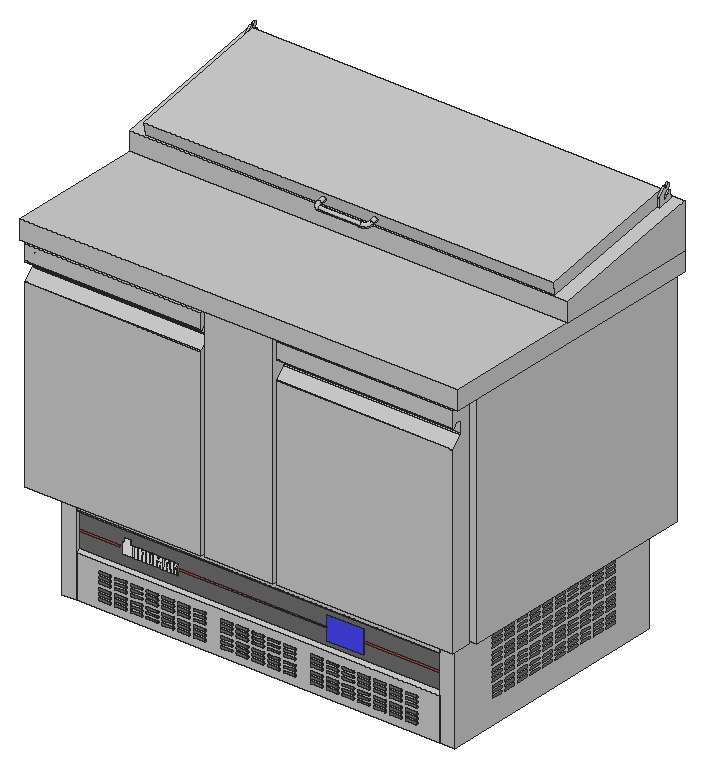
Revit family "QF_INOMAK_BPZP7300_250611020226", category Specialty Equipment, Revit 2021
Family settings
  Round Connector Dimension = Use Diameter
  Part Type = Normal
  OmniClass Number = 23.40.40.14
  OmniClass Title = Food Service Equipment
  Work Plane-Based = No
  Always vertical = Yes
  Cut with Voids When Loaded = No
  Shared = No
  Room Calculation Point = No
Parameters (values of type "BPZP7300")
  Weight [instance] = 101.00 kg
  Warranty Start Date [instance] = ""
  Warranty Duration [instance] = ""
  Volts [instance] = 230 V
  Volt Free Conn [instance] = no
  URL Recommended Spares List [instance] = ""
  URL Manufacturer [instance] = ""
  URL Cutsheet [instance] = ""
  URL Critical Spares List [instance] = ""
  URL = "www.inomak.com"
  Technical Documentation [instance] = ""
  Tag Number [instance] = ""
  Status [instance] = ""
  Start Up Current [instance] = 0 A
  Specification by User [instance] = ""
  Specification by Manufacturer [instance] = ""
  Sound Level [instance] = ""
  Show Logo [instance] = yes
  Show Clearances [instance] = yes
  Service Life Duration [instance] = ""
  Serial Number [instance] = ""
  Seismic Rating [instance] = ""
  SMACNA No [instance] = ""
  Revision Code [instance] = ""
  Revision [instance] = ""
  Production Year [instance] = ""
  Potential Equalisation [instance] = no
  Point Load [instance] = 0
  Phase [instance] = 1
  Other Equipment Approvals [instance] = ""
  Operational Current [instance] = 0 A
  Number of Poles [instance] = 2
  No Load Power Draw [instance] = no
  NAFEM Spec ID Number [instance] = ""
  Model Warning [instance] = ""
  Model = "BPZP7300"
  Min Ckt Ampacity [instance] = 0 A
  Max Overcurrent Protection [instance] = 10 A
  Masterspec [instance] = ""
  Manufacturer = "INOMAK"
  Main switch integrated [instance] = no
  Length Actual [instance] = 1080 mm
  Item Number [instance] = ""
  Installed By [instance] = ""
  Installation Date [instance] = ""
  Identify Quantity as Lot [instance] = no
  ID [instance] = ""
  Hygiene Approval [instance] = ""
  Height Actual [instance] = 1004 mm
  HP power [instance] = ""
  Furnished By [instance] = ""
  Foodservice Equipment Identifier [instance] = no
  FL Amps [instance] = 2.8 A
  Electrical Remarks [instance] = ""
  Electric power [instance] = 340 W
  Electric Connection Type [instance] = ""
  Elec Conn RI Height [instance] = 0 mm
  Elec Conn Connection Height [instance] = 0 mm
  ETL Approved [instance] = no
  Description = "BOLETUS SALADETTE COUNTER WITH PREP STATION AND 2 DOORS, BASE MOTOR"
  Depth Actual [instance] = 700 mm
  Default Elevation = 0 mm
  Cycle [instance] = 50 Hz
  Cost = 0
  Connection to energy optimisation system [instance] = yes
  Conn Plug [instance] = ""
  Conn Conduit [instance] = no
  Centralized building control system with digital interface [instance] = ""
  CSI MasterFormat [instance] = ""
  CE Approved [instance] = no
  Barcode [instance] = 0
  Author [instance] = ""
  Asset Identifier [instance] = ""
  Apparent Power [instance] = 340 VA
  Accessory [instance] = no
Reference planes
  plane 1 "Center (Front/Back)": y = 0
  plane 2: z = 0
  plane 3 "Center (Left/Right)": x = 0
Forms (mm)
  Extrusion 1, solid, not visible
    sketch origin (1000.049, -42.002, 150.007) x (1, 0, 0) y (0, 1, 0)
      loop
        line (-2, 2) -> (-2, -2) -> (2, -2) -> (2, 2) -> (-2, 2)
    from -2 to 2
Dimensions and locks
  locked: Extrusion 1 to nested 2
  locked: nested 2 to Extrusion 1 at 2
  aligned and locked: level to plane 2
Nested families
  nested 1: "QF_INOMAK_REF_BASE_MOTOR_2920" at (0, 0, 0), type "BPZP7300"
    with Weight 101.00 kg, Warranty Start Date "", Warranty Duration "", URL Cutsheet "", Technical Documentation "", Tag Number "", Status "", Specification by User "", Specification by Manufacturer "", Sound Level "", Solid Fuel Type "", Show Clearances yes, Show Clearance yes, Service Life Duration "", Serial Number "", Seismic Rating "", SMACNA No "", Revision Code "", Revision "", Production Year "", Point Load 0, Other Equipment Approvals "", NAFEM Spec ID Number "", Model Warning "", Masterspec "", Length Actual 1080 mm, Item Number "", Installed By "", Installation Date "", Identify Quantity as Lot yes, ID "", Hygiene Approval "", Height Actual 1004 mm, Furnished By "", Foodservice Equipment Identifier yes, Finish none, ETL Approved yes, Depth Actual 700 mm, CSI MasterFormat "", CE Approved yes, Barcode "", Author "", Asset Identifier "", Accessory no
  nested 2: "CONN_POINT_ELE_2D___Generic_Annotation" at (1000.049, -40.002, 150.007), type "CONN_POINT_ELE_2D___Generic_Annotation"
    with Onboard connection annotation symbol visibility yes
  nested 3: "QF_INOMAK_REF_SALADETTE_WORKTOPS_PS_5707" at (0, 0, 812), type "WTPS-1080-700"
    with Worktop thickness 46 mm, Weight 0.00 kg, Warranty Start Date "", Warranty Duration "", URL Cutsheet "", Technical Documentation "", Tag Number "", Status "", Specification by User "", Specification by Manufacturer "", Sound Level "", Solid Fuel Type "", Show Logo yes, Show Clearances yes, Service Life Duration "", Serial Number "", Seismic Rating "", SMACNA No "", Revision Code "", Revision "", Production Year "", Point Load 0, Other Equipment Approvals "", NAFEM Spec ID Number "", Model Warning "", Masterspec "", Length Actual 1080 mm, Item Number "", Installed By "", Installation Date "", Identify Quantity as Lot yes, ID "", Hygiene Approval "", Height Actual 46 mm, Height AFF 0 mm, Furnished By "", Foodservice Equipment Identifier yes, Finish none, ETL Approved yes, Depth Actual 700 mm, CSI MasterFormat "", CE Approved yes, Barcode "", Author "", Asset Identifier "", Accessory yes
Connectors
  electrical at (1000.049, -40.002, 150.007), driven by "Apparent Power", driven by "Number of Poles", driven by "Volts"
    settings: on Extrusion 1, index 1, voltage 230 V, apparent load 0 VA, apparent load phase1 340 VA, apparent load phase2 0 VA, apparent load phase3 0 VA, power factor 1, load classification "Other", number of poles 2, system type 31, power factor state 1, is connector primary yes, connector utility no, sub classification motor no, connector description "Electrical connection for BPZP7300"
Definition of nested family "QF_INOMAK_REF_BASE_MOTOR_2920"
  Parameters (values of type "BRVP7300")
    Weight [instance] = 0.00 kg
    Warranty Start Date [instance] = ""
    Warranty Duration [instance] = ""
    URL Cutsheet [instance] = ""
    URL = "www.inomak.com"
    Technical Documentation [instance] = ""
    Tag Number [instance] = ""
    Status [instance] = ""
    Specification by User [instance] = ""
    Specification by Manufacturer [instance] = ""
    Sound Level [instance] = ""
    Solid Fuel Type [instance] = ""
    Show Logo = yes
    Show Clearances [instance] = yes
    Show Clearance [instance] = yes
    Service Life Duration [instance] = ""
    Serial Number [instance] = ""
    Seismic Rating [instance] = ""
    SMACNA No [instance] = ""
    Revision Code [instance] = ""
    Revision [instance] = ""
    Production Year [instance] = ""
    Point Load [instance] = 0
    Other Equipment Approvals [instance] = ""
    NAFEM Spec ID Number [instance] = ""
    Model Warning [instance] = ""
    Model = "BRVP7300"
    Masterspec [instance] = ""
    Manufacturer = "INOMAK"
    Length Actual [instance] = 0 mm
    Item Number [instance] = ""
    Installed By [instance] = ""
    Installation Date [instance] = ""
    Identify Quantity as Lot [instance] = yes
    ID [instance] = ""
    Hygiene Approval [instance] = ""
    Height Actual [instance] = 0 mm
    Furnished By [instance] = ""
    Foodservice Equipment Identifier [instance] = yes
    Finish [instance] = none
    ETL Approved [instance] = yes
    Description = "BOLETUS SALADETTE COUNTER WITH DOUBLE SNEEZE GUARD AND 2 DOORS, BASE MOTOR"
    Depth Actual [instance] = 0 mm
    Default Elevation = 0 mm
    CSI MasterFormat [instance] = ""
    CE Approved [instance] = yes
    Barcode [instance] = ""
    Author [instance] = ""
    Asset Identifier [instance] = ""
    Assembly Code = "E1090320"
    Accessory [instance] = yes
  Types (7, lengths in mm): name | Model | Description
    BPVP7300 | "BPVP7300" | "BOLETUS CHILLER COUNTER WITH 2 DOORS, BASE MOTOR"
    BSVP77 | "BSVP77" | "BOLETUS CHILLER COUNTER WITH 2 DOORS AND RETRACTABLE LID, BASE MOTOR"
    BSVP7300 | "BSVP7300" | "BOLETUS REFRIGERATED COUNTER WITH BASE MOTOR AND FLEXIBLE VITRINE SYSTEM"
    BPZP7300 | "BPZP7300" | "BOLETUS SALADETTE COUNTER WITH PREP STATION AND 2 DOORS, BASE MOTOR"
    BVVP7300 | "BVVP7300" | "BOLETUS SALADETTE COUNTER WITH SINGLE SNEEZE GUARD AND 2 DOORS, BASE MOTOR"
    BSQP7300 | "BSQP7300" | "BOLETUS SALADETTE COUNTER WITH SQUARE SHOWCASE AND 2 DOORS, BASE MOTOR"
    BRVP7300 | "BRVP7300" | "BOLETUS SALADETTE COUNTER WITH DOUBLE SNEEZE GUARD AND 2 DOORS, BASE MOTOR"
  Reference planes
    plane 1 "Back": y = 0
    plane 2: z = 0
    plane 3 "Left": x = 0
    plane 4 "Right": x = 1080
    plane 5 "Front": y = -700
    plane 6 "Top": z = 812
  Forms (mm)
    Extrusion 1, solid
      sketch origin (-1817.685, -640, 3553.67) x (-1, 0, 0) y (0, 0, 1)
        loop
          line (-2612.685, -3353.789) -> (-2612.685, -3411.65) -> (-2522.133, -3411.65) -> (-2522.133, -3353.789) -> (-2612.685, -3353.789)
      from 7.3 to 10.302
    Extrusion 2, solid
      sketch origin (-1732.685, -640, 3553.67) x (-1, 0, 0) y (0, 0, 1)
        loop
          line (-1823.685, -3342.27) -> (-2721.685, -3342.27) -> (-2721.685, -3421.309) -> (-1823.685, -3421.309) -> (-1823.685, -3342.27)
      from 7.8 to 10.302
    Extrusion 3, solid, visible <- "Show Logo"
      sketch origin (-1577.685, -640, 3553.67) x (-1, 0, 0) y (0, 0, 1)
        loop
          line (-1776.745, -3369.74) -> (-1782.745, -3369.74) -> (-1782.745, -3358.633) -> (-1796.982, -3358.633) -> (-1796.982, -3369.74) -> (-1802.982, -3369.74) -> (-1802.982, -3395.99) -> (-1776.745, -3395.99) -> (-1776.745, -3369.74)
        loop
          line (-1807.298, -3370.052) -> (-1814.587, -3370.052) -> (-1814.587, -3395.99) -> (-1807.298, -3395.99) -> (-1807.298, -3370.052)
        loop
          line (-1817.107, -3395.99) -> (-1817.107, -3370.052) -> (-1823.94, -3370.052) -> (-1827.134, -3381.971) -> (-1827.134, -3370.052) -> (-1833.666, -3370.052) -> (-1833.666, -3395.99) -> (-1827.134, -3395.99) -> (-1823.42, -3382.127) -> (-1823.42, -3395.99) -> (-1817.107, -3395.99)
        loop
          line (-1854.348, -3395.99) -> (-1854.348, -3370.052) -> (-1863.311, -3370.052) -> (-1865.673, -3384.062) -> (-1868.035, -3370.052) -> (-1876.997, -3370.052) -> (-1876.997, -3395.99) -> (-1870.372, -3395.99) -> (-1870.372, -3382.127) -> (-1868.035, -3395.99) -> (-1863.311, -3395.99) -> (-1860.973, -3382.127) -> (-1860.973, -3395.99) -> (-1854.348, -3395.99)
        loop
          line (-1839.536, -3370.052) -> (-1848.861, -3370.052)
          arc (-1848.861, -3370.052) -> (-1851.458, -3371.128) -> (-1852.533, -3373.724) r 3.672
          line (-1852.533, -3373.724) -> (-1852.533, -3392.318)
          arc (-1852.533, -3392.318) -> (-1851.458, -3394.914) -> (-1848.861, -3395.99) r 3.672
          line (-1848.861, -3395.99) -> (-1839.536, -3395.99)
          arc (-1839.536, -3395.99) -> (-1836.939, -3394.914) -> (-1835.864, -3392.318) r 3.672
          line (-1835.864, -3392.318) -> (-1835.864, -3373.724)
          arc (-1835.864, -3373.724) -> (-1836.939, -3371.128) -> (-1839.536, -3370.052) r 3.672
        loop
          arc (-1843.172, -3373.208) -> (-1844.198, -3372.181) -> (-1845.225, -3373.208) r 1.027
          line (-1845.225, -3373.208) -> (-1845.225, -3391.801)
          arc (-1845.225, -3391.801) -> (-1844.198, -3392.828) -> (-1843.172, -3391.801) r 1.027
          line (-1843.172, -3391.801) -> (-1843.172, -3373.208)
        loop
          line (-1878.066, -3395.99) -> (-1882.439, -3370.052) -> (-1891.3, -3370.052) -> (-1895.673, -3395.99) -> (-1889.146, -3395.99) -> (-1888.536, -3391.027) -> (-1885.203, -3391.027) -> (-1884.593, -3395.99) -> (-1878.066, -3395.99)
        loop
          line (-1885.759, -3386.498) -> (-1886.87, -3377.452) -> (-1887.98, -3386.498) -> (-1885.759, -3386.498)
        loop
          line (-1896.638, -3395.99) -> (-1896.638, -3370.052) -> (-1903.263, -3370.052) -> (-1903.263, -3379.165) -> (-1906.049, -3370.052) -> (-1913.487, -3370.052) -> (-1909.159, -3381.329) -> (-1914.207, -3395.99) -> (-1906.623, -3395.99) -> (-1903.263, -3383.45) -> (-1903.263, -3395.99) -> (-1896.638, -3395.99)
      from 7.3 to 10.3
    Extrusion 4, solid
      sketch origin (-1732.685, -640, 3553.67) x (-1, 0, 0) y (0, 0, 1)
        loop
          line (-1823.685, -3379.789) -> (-1924.679, -3379.789) -> (-1924.679, -3383.789) -> (-1823.685, -3383.789) -> (-1823.685, -3379.789)
        loop
          line (-2073.161, -3379.789) -> (-2437.133, -3379.789) -> (-2437.133, -3383.789) -> (-2073.161, -3383.789) -> (-2073.161, -3379.789)
        loop
          line (-2721.685, -3379.789) -> (-2721.685, -3383.789) -> (-2527.685, -3383.789) -> (-2527.685, -3379.789) -> (-2721.685, -3379.789)
      from 7.3 to 10.302
    Extrusion 5, solid, material <- "Finish"
      sketch origin (0, 84.612, -2428.33) x (0, 1, 0) y (0, 0, 1)
        loop
          line (-724.612, 2698.33) -> (-724.612, 2648.032) -> (-716.31, 2639.73) -> (-716.31, 2560.691) -> (-724.612, 2552.389) -> (-724.612, 2448.33) -> (-124.612, 2448.33) -> (-124.612, 2698.33) -> (-724.612, 2698.33)
      from 91 to 989
    Extrusion 6, solid, material <- "Finish"
      sketch origin (56, -9.097, -395.687) x (1, 0, 0) y (0, 1, 0)
        loop
          line (0, -630.903) -> (35, -630.903) -> (35, -30.903) -> (0, -30.903) -> (0, -630.903)
      from 415.687 to 665.687
    Extrusion 7, solid, material <- "Finish"
      sketch origin (664, -9.097, -395.687) x (-1, 0, 0) y (0, -1, 0)
        loop
          line (-360, 630.903) -> (-360, 30.903) -> (-325, 30.903) -> (-325, 630.903) -> (-360, 630.903)
      from 415.687 to 665.687
    Extrusion 8, solid
      sketch origin (-1577.755, -657, -505.005) x (-1, 0, 0) y (0, 0, 1)
        loop
          arc (-1985.436, 609.535) -> (-1988.436, 606.535) -> (-1985.436, 603.535) r 3
          line (-1985.436, 603.535) -> (-1961.436, 603.535)
          arc (-1961.436, 603.535) -> (-1958.436, 606.535) -> (-1961.436, 609.535) r 3
          line (-1961.436, 609.535) -> (-1985.436, 609.535)
        loop
          arc (-1946.436, 609.535) -> (-1949.436, 606.535) -> (-1946.436, 603.535) r 3
          line (-1946.436, 603.535) -> (-1922.436, 603.535)
          arc (-1922.436, 603.535) -> (-1919.436, 606.535) -> (-1922.436, 609.535) r 3
          line (-1922.436, 609.535) -> (-1946.436, 609.535)
        loop
          arc (-1907.436, 609.535) -> (-1910.436, 606.535) -> (-1907.436, 603.535) r 3
          line (-1907.436, 603.535) -> (-1883.436, 603.535)
          arc (-1883.436, 603.535) -> (-1880.436, 606.535) -> (-1883.436, 609.535) r 3
          line (-1883.436, 609.535) -> (-1907.436, 609.535)
        loop
          arc (-1868.436, 609.535) -> (-1871.436, 606.535) -> (-1868.436, 603.535) r 3
          line (-1868.436, 603.535) -> (-1844.436, 603.535)
          arc (-1844.436, 603.535) -> (-1841.436, 606.535) -> (-1844.436, 609.535) r 3
          line (-1844.436, 609.535) -> (-1868.436, 609.535)
        loop
          arc (-1829.436, 609.535) -> (-1832.436, 606.535) -> (-1829.436, 603.535) r 3
          line (-1829.436, 603.535) -> (-1805.436, 603.535)
          arc (-1805.436, 603.535) -> (-1802.436, 606.535) -> (-1805.436, 609.535) r 3
          line (-1805.436, 609.535) -> (-1829.436, 609.535)
        loop
          arc (-1790.436, 609.535) -> (-1793.436, 606.535) -> (-1790.436, 603.535) r 3
          line (-1790.436, 603.535) -> (-1766.436, 603.535)
          arc (-1766.436, 603.535) -> (-1763.436, 606.535) -> (-1766.436, 609.535) r 3
          line (-1766.436, 609.535) -> (-1790.436, 609.535)
        loop
          arc (-1751.436, 609.535) -> (-1754.436, 606.535) -> (-1751.436, 603.535) r 3
          line (-1751.436, 603.535) -> (-1727.436, 603.535)
          arc (-1727.436, 603.535) -> (-1724.436, 606.535) -> (-1727.436, 609.535) r 3
          line (-1727.436, 609.535) -> (-1751.436, 609.535)
        loop
          arc (-1985.436, 598.535) -> (-1988.436, 595.535) -> (-1985.436, 592.535) r 3
          line (-1985.436, 592.535) -> (-1961.436, 592.535)
          arc (-1961.436, 592.535) -> (-1958.436, 595.535) -> (-1961.436, 598.535) r 3
          line (-1961.436, 598.535) -> (-1985.436, 598.535)
        loop
          arc (-1946.436, 598.535) -> (-1949.436, 595.535) -> (-1946.436, 592.535) r 3
          line (-1946.436, 592.535) -> (-1922.436, 592.535)
          arc (-1922.436, 592.535) -> (-1919.436, 595.535) -> (-1922.436, 598.535) r 3
          line (-1922.436, 598.535) -> (-1946.436, 598.535)
        loop
          arc (-1907.436, 598.535) -> (-1910.436, 595.535) -> (-1907.436, 592.535) r 3
          line (-1907.436, 592.535) -> (-1883.436, 592.535)
          arc (-1883.436, 592.535) -> (-1880.436, 595.535) -> (-1883.436, 598.535) r 3
          line (-1883.436, 598.535) -> (-1907.436, 598.535)
        loop
          arc (-1868.436, 598.535) -> (-1871.436, 595.535) -> (-1868.436, 592.535) r 3
          line (-1868.436, 592.535) -> (-1844.436, 592.535)
          arc (-1844.436, 592.535) -> (-1841.436, 595.535) -> (-1844.436, 598.535) r 3
          line (-1844.436, 598.535) -> (-1868.436, 598.535)
        loop
          arc (-1829.436, 598.535) -> (-1832.436, 595.535) -> (-1829.436, 592.535) r 3
          line (-1829.436, 592.535) -> (-1805.436, 592.535)
          arc (-1805.436, 592.535) -> (-1802.436, 595.535) -> (-1805.436, 598.535) r 3
          line (-1805.436, 598.535) -> (-1829.436, 598.535)
        loop
          arc (-1790.436, 598.535) -> (-1793.436, 595.535) -> (-1790.436, 592.535) r 3
          line (-1790.436, 592.535) -> (-1766.436, 592.535)
          arc (-1766.436, 592.535) -> (-1763.436, 595.535) -> (-1766.436, 598.535) r 3
          line (-1766.436, 598.535) -> (-1790.436, 598.535)
        loop
          arc (-1751.436, 598.535) -> (-1754.436, 595.535) -> (-1751.436, 592.535) r 3
          line (-1751.436, 592.535) -> (-1727.436, 592.535)
          arc (-1727.436, 592.535) -> (-1724.436, 595.535) -> (-1727.436, 598.535) r 3
          line (-1727.436, 598.535) -> (-1751.436, 598.535)
        loop
          arc (-1985.436, 587.535) -> (-1988.436, 584.535) -> (-1985.436, 581.535) r 3
          line (-1985.436, 581.535) -> (-1961.436, 581.535)
          arc (-1961.436, 581.535) -> (-1958.436, 584.535) -> (-1961.436, 587.535) r 3
          line (-1961.436, 587.535) -> (-1985.436, 587.535)
        loop
          arc (-1946.436, 587.535) -> (-1949.436, 584.535) -> (-1946.436, 581.535) r 3
          line (-1946.436, 581.535) -> (-1922.436, 581.535)
          arc (-1922.436, 581.535) -> (-1919.436, 584.535) -> (-1922.436, 587.535) r 3
          line (-1922.436, 587.535) -> (-1946.436, 587.535)
        loop
          arc (-1907.436, 587.535) -> (-1910.436, 584.535) -> (-1907.436, 581.535) r 3
          line (-1907.436, 581.535) -> (-1883.436, 581.535)
          arc (-1883.436, 581.535) -> (-1880.436, 584.535) -> (-1883.436, 587.535) r 3
          line (-1883.436, 587.535) -> (-1907.436, 587.535)
        loop
          arc (-1868.436, 587.535) -> (-1871.436, 584.535) -> (-1868.436, 581.535) r 3
          line (-1868.436, 581.535) -> (-1844.436, 581.535)
          arc (-1844.436, 581.535) -> (-1841.436, 584.535) -> (-1844.436, 587.535) r 3
          line (-1844.436, 587.535) -> (-1868.436, 587.535)
        loop
          arc (-1829.436, 587.535) -> (-1832.436, 584.535) -> (-1829.436, 581.535) r 3
          line (-1829.436, 581.535) -> (-1805.436, 581.535)
          arc (-1805.436, 581.535) -> (-1802.436, 584.535) -> (-1805.436, 587.535) r 3
          line (-1805.436, 587.535) -> (-1829.436, 587.535)
        loop
          arc (-1790.436, 587.535) -> (-1793.436, 584.535) -> (-1790.436, 581.535) r 3
          line (-1790.436, 581.535) -> (-1766.436, 581.535)
          arc (-1766.436, 581.535) -> (-1763.436, 584.535) -> (-1766.436, 587.535) r 3
          line (-1766.436, 587.535) -> (-1790.436, 587.535)
        loop
          arc (-1751.436, 587.535) -> (-1754.436, 584.535) -> (-1751.436, 581.535) r 3
          line (-1751.436, 581.535) -> (-1727.436, 581.535)
          arc (-1727.436, 581.535) -> (-1724.436, 584.535) -> (-1727.436, 587.535) r 3
          line (-1727.436, 587.535) -> (-1751.436, 587.535)
        loop
          arc (-1985.436, 572.535) -> (-1988.436, 569.535) -> (-1985.436, 566.535) r 3
          line (-1985.436, 566.535) -> (-1961.436, 566.535)
          arc (-1961.436, 566.535) -> (-1958.436, 569.535) -> (-1961.436, 572.535) r 3
          line (-1961.436, 572.535) -> (-1985.436, 572.535)
        loop
          arc (-1946.436, 572.535) -> (-1949.436, 569.535) -> (-1946.436, 566.535) r 3
          line (-1946.436, 566.535) -> (-1922.436, 566.535)
          arc (-1922.436, 566.535) -> (-1919.436, 569.535) -> (-1922.436, 572.535) r 3
          line (-1922.436, 572.535) -> (-1946.436, 572.535)
        loop
          arc (-1907.436, 572.535) -> (-1910.436, 569.535) -> (-1907.436, 566.535) r 3
          line (-1907.436, 566.535) -> (-1883.436, 566.535)
          arc (-1883.436, 566.535) -> (-1880.436, 569.535) -> (-1883.436, 572.535) r 3
          line (-1883.436, 572.535) -> (-1907.436, 572.535)
        loop
          arc (-1868.436, 572.535) -> (-1871.436, 569.535) -> (-1868.436, 566.535) r 3
          line (-1868.436, 566.535) -> (-1844.436, 566.535)
          arc (-1844.436, 566.535) -> (-1841.436, 569.535) -> (-1844.436, 572.535) r 3
          line (-1844.436, 572.535) -> (-1868.436, 572.535)
        loop
          arc (-1829.436, 572.535) -> (-1832.436, 569.535) -> (-1829.436, 566.535) r 3
          line (-1829.436, 566.535) -> (-1805.436, 566.535)
          arc (-1805.436, 566.535) -> (-1802.436, 569.535) -> (-1805.436, 572.535) r 3
          line (-1805.436, 572.535) -> (-1829.436, 572.535)
        loop
          arc (-1790.436, 572.535) -> (-1793.436, 569.535) -> (-1790.436, 566.535) r 3
          line (-1790.436, 566.535) -> (-1766.436, 566.535)
          arc (-1766.436, 566.535) -> (-1763.436, 569.535) -> (-1766.436, 572.535) r 3
          line (-1766.436, 572.535) -> (-1790.436, 572.535)
        loop
          arc (-1751.436, 572.535) -> (-1754.436, 569.535) -> (-1751.436, 566.535) r 3
          line (-1751.436, 566.535) -> (-1727.436, 566.535)
          arc (-1727.436, 566.535) -> (-1724.436, 569.535) -> (-1727.436, 572.535) r 3
          line (-1727.436, 572.535) -> (-1751.436, 572.535)
        loop
          arc (-1985.436, 561.535) -> (-1988.436, 558.535) -> (-1985.436, 555.535) r 3
          line (-1985.436, 555.535) -> (-1961.436, 555.535)
          arc (-1961.436, 555.535) -> (-1958.436, 558.535) -> (-1961.436, 561.535) r 3
          line (-1961.436, 561.535) -> (-1985.436, 561.535)
        loop
          arc (-1946.436, 561.535) -> (-1949.436, 558.535) -> (-1946.436, 555.535) r 3
          line (-1946.436, 555.535) -> (-1922.436, 555.535)
          arc (-1922.436, 555.535) -> (-1919.436, 558.535) -> (-1922.436, 561.535) r 3
          line (-1922.436, 561.535) -> (-1946.436, 561.535)
        loop
          arc (-1907.436, 561.535) -> (-1910.436, 558.535) -> (-1907.436, 555.535) r 3
          line (-1907.436, 555.535) -> (-1883.436, 555.535)
          arc (-1883.436, 555.535) -> (-1880.436, 558.535) -> (-1883.436, 561.535) r 3
          line (-1883.436, 561.535) -> (-1907.436, 561.535)
        loop
          arc (-1868.436, 561.535) -> (-1871.436, 558.535) -> (-1868.436, 555.535) r 3
          line (-1868.436, 555.535) -> (-1844.436, 555.535)
          arc (-1844.436, 555.535) -> (-1841.436, 558.535) -> (-1844.436, 561.535) r 3
          line (-1844.436, 561.535) -> (-1868.436, 561.535)
        loop
          arc (-1829.436, 561.535) -> (-1832.436, 558.535) -> (-1829.436, 555.535) r 3
          line (-1829.436, 555.535) -> (-1805.436, 555.535)
          arc (-1805.436, 555.535) -> (-1802.436, 558.535) -> (-1805.436, 561.535) r 3
          line (-1805.436, 561.535) -> (-1829.436, 561.535)
        loop
          arc (-1790.436, 561.535) -> (-1793.436, 558.535) -> (-1790.436, 555.535) r 3
          line (-1790.436, 555.535) -> (-1766.436, 555.535)
          arc (-1766.436, 555.535) -> (-1763.436, 558.535) -> (-1766.436, 561.535) r 3
          line (-1766.436, 561.535) -> (-1790.436, 561.535)
        loop
          arc (-1751.436, 561.535) -> (-1754.436, 558.535) -> (-1751.436, 555.535) r 3
          line (-1751.436, 555.535) -> (-1727.436, 555.535)
          arc (-1727.436, 555.535) -> (-1724.436, 558.535) -> (-1727.436, 561.535) r 3
          line (-1727.436, 561.535) -> (-1751.436, 561.535)
        loop
          arc (-1985.436, 550.535) -> (-1988.436, 547.535) -> (-1985.436, 544.535) r 3
          line (-1985.436, 544.535) -> (-1961.436, 544.535)
          arc (-1961.436, 544.535) -> (-1958.436, 547.535) -> (-1961.436, 550.535) r 3
          line (-1961.436, 550.535) -> (-1985.436, 550.535)
        loop
          arc (-1946.436, 550.535) -> (-1949.436, 547.535) -> (-1946.436, 544.535) r 3
          line (-1946.436, 544.535) -> (-1922.436, 544.535)
          arc (-1922.436, 544.535) -> (-1919.436, 547.535) -> (-1922.436, 550.535) r 3
          line (-1922.436, 550.535) -> (-1946.436, 550.535)
        loop
          arc (-1907.436, 550.535) -> (-1910.436, 547.535) -> (-1907.436, 544.535) r 3
          line (-1907.436, 544.535) -> (-1883.436, 544.535)
          arc (-1883.436, 544.535) -> (-1880.436, 547.535) -> (-1883.436, 550.535) r 3
          line (-1883.436, 550.535) -> (-1907.436, 550.535)
        loop
          arc (-1868.436, 550.535) -> (-1871.436, 547.535) -> (-1868.436, 544.535) r 3
          line (-1868.436, 544.535) -> (-1844.436, 544.535)
          arc (-1844.436, 544.535) -> (-1841.436, 547.535) -> (-1844.436, 550.535) r 3
          line (-1844.436, 550.535) -> (-1868.436, 550.535)
        loop
          arc (-1829.436, 550.535) -> (-1832.436, 547.535) -> (-1829.436, 544.535) r 3
          line (-1829.436, 544.535) -> (-1805.436, 544.535)
          arc (-1805.436, 544.535) -> (-1802.436, 547.535) -> (-1805.436, 550.535) r 3
          line (-1805.436, 550.535) -> (-1829.436, 550.535)
        loop
          arc (-1790.436, 550.535) -> (-1793.436, 547.535) -> (-1790.436, 544.535) r 3
          line (-1790.436, 544.535) -> (-1766.436, 544.535)
          arc (-1766.436, 544.535) -> (-1763.436, 547.535) -> (-1766.436, 550.535) r 3
          line (-1766.436, 550.535) -> (-1790.436, 550.535)
        loop
          arc (-1751.436, 550.535) -> (-1754.436, 547.535) -> (-1751.436, 544.535) r 3
          line (-1751.436, 544.535) -> (-1727.436, 544.535)
          arc (-1727.436, 544.535) -> (-1724.436, 547.535) -> (-1727.436, 550.535) r 3
          line (-1727.436, 550.535) -> (-1751.436, 550.535)
        loop
          line (-2250.075, 609.535) -> (-2274.075, 609.535)
          arc (-2274.075, 609.535) -> (-2277.075, 606.535) -> (-2274.075, 603.535) r 3
          line (-2274.075, 603.535) -> (-2250.075, 603.535)
          arc (-2250.075, 603.535) -> (-2247.075, 606.535) -> (-2250.075, 609.535) r 3
        loop
          line (-2289.075, 609.535) -> (-2313.075, 609.535)
          arc (-2313.075, 609.535) -> (-2316.075, 606.535) -> (-2313.075, 603.535) r 3
          line (-2313.075, 603.535) -> (-2289.075, 603.535)
          arc (-2289.075, 603.535) -> (-2286.075, 606.535) -> (-2289.075, 609.535) r 3
        loop
          line (-2328.075, 609.535) -> (-2352.075, 609.535)
          arc (-2352.075, 609.535) -> (-2355.075, 606.535) -> (-2352.075, 603.535) r 3
          line (-2352.075, 603.535) -> (-2328.075, 603.535)
          arc (-2328.075, 603.535) -> (-2325.075, 606.535) -> (-2328.075, 609.535) r 3
        loop
          line (-2367.075, 609.535) -> (-2391.075, 609.535)
          arc (-2391.075, 609.535) -> (-2394.075, 606.535) -> (-2391.075, 603.535) r 3
          line (-2391.075, 603.535) -> (-2367.075, 603.535)
          arc (-2367.075, 603.535) -> (-2364.075, 606.535) -> (-2367.075, 609.535) r 3
        loop
          line (-2406.075, 609.535) -> (-2430.075, 609.535)
          arc (-2430.075, 609.535) -> (-2433.075, 606.535) -> (-2430.075, 603.535) r 3
          line (-2430.075, 603.535) -> (-2406.075, 603.535)
          arc (-2406.075, 603.535) -> (-2403.075, 606.535) -> (-2406.075, 609.535) r 3
        loop
          line (-2445.075, 609.535) -> (-2469.075, 609.535)
          arc (-2469.075, 609.535) -> (-2472.075, 606.535) -> (-2469.075, 603.535) r 3
          line (-2469.075, 603.535) -> (-2445.075, 603.535)
          arc (-2445.075, 603.535) -> (-2442.075, 606.535) -> (-2445.075, 609.535) r 3
        loop
          line (-2484.075, 609.535) -> (-2508.075, 609.535)
          arc (-2508.075, 609.535) -> (-2511.075, 606.535) -> (-2508.075, 603.535) r 3
          line (-2508.075, 603.535) -> (-2484.075, 603.535)
          arc (-2484.075, 603.535) -> (-2481.075, 606.535) -> (-2484.075, 609.535) r 3
        loop
          line (-2250.075, 598.535) -> (-2274.075, 598.535)
          arc (-2274.075, 598.535) -> (-2277.075, 595.535) -> (-2274.075, 592.535) r 3
          line (-2274.075, 592.535) -> (-2250.075, 592.535)
          arc (-2250.075, 592.535) -> (-2247.075, 595.535) -> (-2250.075, 598.535) r 3
        loop
          line (-2289.075, 598.535) -> (-2313.075, 598.535)
          arc (-2313.075, 598.535) -> (-2316.075, 595.535) -> (-2313.075, 592.535) r 3
          line (-2313.075, 592.535) -> (-2289.075, 592.535)
          arc (-2289.075, 592.535) -> (-2286.075, 595.535) -> (-2289.075, 598.535) r 3
        loop
          line (-2328.075, 598.535) -> (-2352.075, 598.535)
          arc (-2352.075, 598.535) -> (-2355.075, 595.535) -> (-2352.075, 592.535) r 3
          line (-2352.075, 592.535) -> (-2328.075, 592.535)
          arc (-2328.075, 592.535) -> (-2325.075, 595.535) -> (-2328.075, 598.535) r 3
        loop
          line (-2367.075, 598.535) -> (-2391.075, 598.535)
          arc (-2391.075, 598.535) -> (-2394.075, 595.535) -> (-2391.075, 592.535) r 3
          line (-2391.075, 592.535) -> (-2367.075, 592.535)
          arc (-2367.075, 592.535) -> (-2364.075, 595.535) -> (-2367.075, 598.535) r 3
        loop
          line (-2406.075, 598.535) -> (-2430.075, 598.535)
          arc (-2430.075, 598.535) -> (-2433.075, 595.535) -> (-2430.075, 592.535) r 3
          line (-2430.075, 592.535) -> (-2406.075, 592.535)
          arc (-2406.075, 592.535) -> (-2403.075, 595.535) -> (-2406.075, 598.535) r 3
        loop
          line (-2445.075, 598.535) -> (-2469.075, 598.535)
          arc (-2469.075, 598.535) -> (-2472.075, 595.535) -> (-2469.075, 592.535) r 3
          line (-2469.075, 592.535) -> (-2445.075, 592.535)
          arc (-2445.075, 592.535) -> (-2442.075, 595.535) -> (-2445.075, 598.535) r 3
        loop
          line (-2484.075, 598.535) -> (-2508.075, 598.535)
          arc (-2508.075, 598.535) -> (-2511.075, 595.535) -> (-2508.075, 592.535) r 3
          line (-2508.075, 592.535) -> (-2484.075, 592.535)
          arc (-2484.075, 592.535) -> (-2481.075, 595.535) -> (-2484.075, 598.535) r 3
        loop
          line (-2250.075, 587.535) -> (-2274.075, 587.535)
          arc (-2274.075, 587.535) -> (-2277.075, 584.535) -> (-2274.075, 581.535) r 3
          line (-2274.075, 581.535) -> (-2250.075, 581.535)
          arc (-2250.075, 581.535) -> (-2247.075, 584.535) -> (-2250.075, 587.535) r 3
        loop
          line (-2289.075, 587.535) -> (-2313.075, 587.535)
          arc (-2313.075, 587.535) -> (-2316.075, 584.535) -> (-2313.075, 581.535) r 3
          line (-2313.075, 581.535) -> (-2289.075, 581.535)
          arc (-2289.075, 581.535) -> (-2286.075, 584.535) -> (-2289.075, 587.535) r 3
        loop
          line (-2328.075, 587.535) -> (-2352.075, 587.535)
          arc (-2352.075, 587.535) -> (-2355.075, 584.535) -> (-2352.075, 581.535) r 3
          line (-2352.075, 581.535) -> (-2328.075, 581.535)
          arc (-2328.075, 581.535) -> (-2325.075, 584.535) -> (-2328.075, 587.535) r 3
        loop
          line (-2367.075, 587.535) -> (-2391.075, 587.535)
          arc (-2391.075, 587.535) -> (-2394.075, 584.535) -> (-2391.075, 581.535) r 3
          line (-2391.075, 581.535) -> (-2367.075, 581.535)
          arc (-2367.075, 581.535) -> (-2364.075, 584.535) -> (-2367.075, 587.535) r 3
        loop
          line (-2406.075, 587.535) -> (-2430.075, 587.535)
          arc (-2430.075, 587.535) -> (-2433.075, 584.535) -> (-2430.075, 581.535) r 3
          line (-2430.075, 581.535) -> (-2406.075, 581.535)
          arc (-2406.075, 581.535) -> (-2403.075, 584.535) -> (-2406.075, 587.535) r 3
        loop
          line (-2445.075, 587.535) -> (-2469.075, 587.535)
          arc (-2469.075, 587.535) -> (-2472.075, 584.535) -> (-2469.075, 581.535) r 3
          line (-2469.075, 581.535) -> (-2445.075, 581.535)
          arc (-2445.075, 581.535) -> (-2442.075, 584.535) -> (-2445.075, 587.535) r 3
        loop
          line (-2484.075, 587.535) -> (-2508.075, 587.535)
          arc (-2508.075, 587.535) -> (-2511.075, 584.535) -> (-2508.075, 581.535) r 3
          line (-2508.075, 581.535) -> (-2484.075, 581.535)
          arc (-2484.075, 581.535) -> (-2481.075, 584.535) -> (-2484.075, 587.535) r 3
        loop
          line (-2250.075, 572.535) -> (-2274.075, 572.535)
          arc (-2274.075, 572.535) -> (-2277.075, 569.535) -> (-2274.075, 566.535) r 3
          line (-2274.075, 566.535) -> (-2250.075, 566.535)
          arc (-2250.075, 566.535) -> (-2247.075, 569.535) -> (-2250.075, 572.535) r 3
        loop
          line (-2289.075, 572.535) -> (-2313.075, 572.535)
          arc (-2313.075, 572.535) -> (-2316.075, 569.535) -> (-2313.075, 566.535) r 3
          line (-2313.075, 566.535) -> (-2289.075, 566.535)
          arc (-2289.075, 566.535) -> (-2286.075, 569.535) -> (-2289.075, 572.535) r 3
        loop
          line (-2328.075, 572.535) -> (-2352.075, 572.535)
          arc (-2352.075, 572.535) -> (-2355.075, 569.535) -> (-2352.075, 566.535) r 3
          line (-2352.075, 566.535) -> (-2328.075, 566.535)
          arc (-2328.075, 566.535) -> (-2325.075, 569.535) -> (-2328.075, 572.535) r 3
        loop
          line (-2367.075, 572.535) -> (-2391.075, 572.535)
          arc (-2391.075, 572.535) -> (-2394.075, 569.535) -> (-2391.075, 566.535) r 3
          line (-2391.075, 566.535) -> (-2367.075, 566.535)
          arc (-2367.075, 566.535) -> (-2364.075, 569.535) -> (-2367.075, 572.535) r 3
        loop
          line (-2406.075, 572.535) -> (-2430.075, 572.535)
          arc (-2430.075, 572.535) -> (-2433.075, 569.535) -> (-2430.075, 566.535) r 3
          line (-2430.075, 566.535) -> (-2406.075, 566.535)
          arc (-2406.075, 566.535) -> (-2403.075, 569.535) -> (-2406.075, 572.535) r 3
        loop
          line (-2445.075, 572.535) -> (-2469.075, 572.535)
          arc (-2469.075, 572.535) -> (-2472.075, 569.535) -> (-2469.075, 566.535) r 3
          line (-2469.075, 566.535) -> (-2445.075, 566.535)
          arc (-2445.075, 566.535) -> (-2442.075, 569.535) -> (-2445.075, 572.535) r 3
        loop
          line (-2484.075, 572.535) -> (-2508.075, 572.535)
          arc (-2508.075, 572.535) -> (-2511.075, 569.535) -> (-2508.075, 566.535) r 3
          line (-2508.075, 566.535) -> (-2484.075, 566.535)
          arc (-2484.075, 566.535) -> (-2481.075, 569.535) -> (-2484.075, 572.535) r 3
        loop
          line (-2250.075, 561.535) -> (-2274.075, 561.535)
          arc (-2274.075, 561.535) -> (-2277.075, 558.535) -> (-2274.075, 555.535) r 3
          line (-2274.075, 555.535) -> (-2250.075, 555.535)
          arc (-2250.075, 555.535) -> (-2247.075, 558.535) -> (-2250.075, 561.535) r 3
        loop
          line (-2289.075, 561.535) -> (-2313.075, 561.535)
          arc (-2313.075, 561.535) -> (-2316.075, 558.535) -> (-2313.075, 555.535) r 3
          line (-2313.075, 555.535) -> (-2289.075, 555.535)
          arc (-2289.075, 555.535) -> (-2286.075, 558.535) -> (-2289.075, 561.535) r 3
        loop
          line (-2328.075, 561.535) -> (-2352.075, 561.535)
          arc (-2352.075, 561.535) -> (-2355.075, 558.535) -> (-2352.075, 555.535) r 3
          line (-2352.075, 555.535) -> (-2328.075, 555.535)
          arc (-2328.075, 555.535) -> (-2325.075, 558.535) -> (-2328.075, 561.535) r 3
        loop
          line (-2367.075, 561.535) -> (-2391.075, 561.535)
          arc (-2391.075, 561.535) -> (-2394.075, 558.535) -> (-2391.075, 555.535) r 3
          line (-2391.075, 555.535) -> (-2367.075, 555.535)
          arc (-2367.075, 555.535) -> (-2364.075, 558.535) -> (-2367.075, 561.535) r 3
        loop
          line (-2406.075, 561.535) -> (-2430.075, 561.535)
          arc (-2430.075, 561.535) -> (-2433.075, 558.535) -> (-2430.075, 555.535) r 3
          line (-2430.075, 555.535) -> (-2406.075, 555.535)
          arc (-2406.075, 555.535) -> (-2403.075, 558.535) -> (-2406.075, 561.535) r 3
        loop
          line (-2445.075, 561.535) -> (-2469.075, 561.535)
          arc (-2469.075, 561.535) -> (-2472.075, 558.535) -> (-2469.075, 555.535) r 3
          line (-2469.075, 555.535) -> (-2445.075, 555.535)
          arc (-2445.075, 555.535) -> (-2442.075, 558.535) -> (-2445.075, 561.535) r 3
        loop
          line (-2484.075, 561.535) -> (-2508.075, 561.535)
          arc (-2508.075, 561.535) -> (-2511.075, 558.535) -> (-2508.075, 555.535) r 3
          line (-2508.075, 555.535) -> (-2484.075, 555.535)
          arc (-2484.075, 555.535) -> (-2481.075, 558.535) -> (-2484.075, 561.535) r 3
        loop
          line (-2250.075, 550.535) -> (-2274.075, 550.535)
          arc (-2274.075, 550.535) -> (-2277.075, 547.535) -> (-2274.075, 544.535) r 3
          line (-2274.075, 544.535) -> (-2250.075, 544.535)
          arc (-2250.075, 544.535) -> (-2247.075, 547.535) -> (-2250.075, 550.535) r 3
        loop
          line (-2289.075, 550.535) -> (-2313.075, 550.535)
          arc (-2313.075, 550.535) -> (-2316.075, 547.535) -> (-2313.075, 544.535) r 3
          line (-2313.075, 544.535) -> (-2289.075, 544.535)
          arc (-2289.075, 544.535) -> (-2286.075, 547.535) -> (-2289.075, 550.535) r 3
        loop
          line (-2328.075, 550.535) -> (-2352.075, 550.535)
          arc (-2352.075, 550.535) -> (-2355.075, 547.535) -> (-2352.075, 544.535) r 3
          line (-2352.075, 544.535) -> (-2328.075, 544.535)
          arc (-2328.075, 544.535) -> (-2325.075, 547.535) -> (-2328.075, 550.535) r 3
        loop
          line (-2367.075, 550.535) -> (-2391.075, 550.535)
          arc (-2391.075, 550.535) -> (-2394.075, 547.535) -> (-2391.075, 544.535) r 3
          line (-2391.075, 544.535) -> (-2367.075, 544.535)
          arc (-2367.075, 544.535) -> (-2364.075, 547.535) -> (-2367.075, 550.535) r 3
        loop
          line (-2406.075, 550.535) -> (-2430.075, 550.535)
          arc (-2430.075, 550.535) -> (-2433.075, 547.535) -> (-2430.075, 544.535) r 3
          line (-2430.075, 544.535) -> (-2406.075, 544.535)
          arc (-2406.075, 544.535) -> (-2403.075, 547.535) -> (-2406.075, 550.535) r 3
        loop
          line (-2445.075, 550.535) -> (-2469.075, 550.535)
          arc (-2469.075, 550.535) -> (-2472.075, 547.535) -> (-2469.075, 544.535) r 3
          line (-2469.075, 544.535) -> (-2445.075, 544.535)
          arc (-2445.075, 544.535) -> (-2442.075, 547.535) -> (-2445.075, 550.535) r 3
        loop
          line (-2484.075, 550.535) -> (-2508.075, 550.535)
          arc (-2508.075, 550.535) -> (-2511.075, 547.535) -> (-2508.075, 544.535) r 3
          line (-2508.075, 544.535) -> (-2484.075, 544.535)
          arc (-2484.075, 544.535) -> (-2481.075, 547.535) -> (-2484.075, 550.535) r 3
        loop
          line (-2027.755, 609.535) -> (-2051.755, 609.535)
          arc (-2051.755, 609.535) -> (-2054.755, 606.535) -> (-2051.755, 603.535) r 3
          line (-2051.755, 603.535) -> (-2027.755, 603.535)
          arc (-2027.755, 603.535) -> (-2024.755, 606.535) -> (-2027.755, 609.535) r 3
        loop
          line (-2066.755, 609.535) -> (-2090.755, 609.535)
          arc (-2090.755, 609.535) -> (-2093.755, 606.535) -> (-2090.755, 603.535) r 3
          line (-2090.755, 603.535) -> (-2066.755, 603.535)
          arc (-2066.755, 603.535) -> (-2063.755, 606.535) -> (-2066.755, 609.535) r 3
        loop
          line (-2105.755, 609.535) -> (-2129.755, 609.535)
          arc (-2129.755, 609.535) -> (-2132.755, 606.535) -> (-2129.755, 603.535) r 3
          line (-2129.755, 603.535) -> (-2105.755, 603.535)
          arc (-2105.755, 603.535) -> (-2102.755, 606.535) -> (-2105.755, 609.535) r 3
        loop
          line (-2144.755, 609.535) -> (-2168.755, 609.535)
          arc (-2168.755, 609.535) -> (-2171.755, 606.535) -> (-2168.755, 603.535) r 3
          line (-2168.755, 603.535) -> (-2144.755, 603.535)
          arc (-2144.755, 603.535) -> (-2141.755, 606.535) -> (-2144.755, 609.535) r 3
        loop
          line (-2183.755, 609.535) -> (-2207.755, 609.535)
          arc (-2207.755, 609.535) -> (-2210.755, 606.535) -> (-2207.755, 603.535) r 3
          line (-2207.755, 603.535) -> (-2183.755, 603.535)
          arc (-2183.755, 603.535) -> (-2180.755, 606.535) -> (-2183.755, 609.535) r 3
        loop
          line (-2027.755, 598.535) -> (-2051.755, 598.535)
          arc (-2051.755, 598.535) -> (-2054.755, 595.535) -> (-2051.755, 592.535) r 3
          line (-2051.755, 592.535) -> (-2027.755, 592.535)
          arc (-2027.755, 592.535) -> (-2024.755, 595.535) -> (-2027.755, 598.535) r 3
        loop
          line (-2066.755, 598.535) -> (-2090.755, 598.535)
          arc (-2090.755, 598.535) -> (-2093.755, 595.535) -> (-2090.755, 592.535) r 3
          line (-2090.755, 592.535) -> (-2066.755, 592.535)
          arc (-2066.755, 592.535) -> (-2063.755, 595.535) -> (-2066.755, 598.535) r 3
        loop
          line (-2105.755, 598.535) -> (-2129.755, 598.535)
          arc (-2129.755, 598.535) -> (-2132.755, 595.535) -> (-2129.755, 592.535) r 3
          line (-2129.755, 592.535) -> (-2105.755, 592.535)
          arc (-2105.755, 592.535) -> (-2102.755, 595.535) -> (-2105.755, 598.535) r 3
        loop
          line (-2144.755, 598.535) -> (-2168.755, 598.535)
          arc (-2168.755, 598.535) -> (-2171.755, 595.535) -> (-2168.755, 592.535) r 3
          line (-2168.755, 592.535) -> (-2144.755, 592.535)
          arc (-2144.755, 592.535) -> (-2141.755, 595.535) -> (-2144.755, 598.535) r 3
        loop
          line (-2183.755, 598.535) -> (-2207.755, 598.535)
          arc (-2207.755, 598.535) -> (-2210.755, 595.535) -> (-2207.755, 592.535) r 3
          line (-2207.755, 592.535) -> (-2183.755, 592.535)
          arc (-2183.755, 592.535) -> (-2180.755, 595.535) -> (-2183.755, 598.535) r 3
        loop
          line (-2027.755, 587.535) -> (-2051.755, 587.535)
          arc (-2051.755, 587.535) -> (-2054.755, 584.535) -> (-2051.755, 581.535) r 3
          line (-2051.755, 581.535) -> (-2027.755, 581.535)
          arc (-2027.755, 581.535) -> (-2024.755, 584.535) -> (-2027.755, 587.535) r 3
        loop
          line (-2066.755, 587.535) -> (-2090.755, 587.535)
          arc (-2090.755, 587.535) -> (-2093.755, 584.535) -> (-2090.755, 581.535) r 3
          line (-2090.755, 581.535) -> (-2066.755, 581.535)
          arc (-2066.755, 581.535) -> (-2063.755, 584.535) -> (-2066.755, 587.535) r 3
        loop
          line (-2105.755, 587.535) -> (-2129.755, 587.535)
          arc (-2129.755, 587.535) -> (-2132.755, 584.535) -> (-2129.755, 581.535) r 3
          line (-2129.755, 581.535) -> (-2105.755, 581.535)
          arc (-2105.755, 581.535) -> (-2102.755, 584.535) -> (-2105.755, 587.535) r 3
        loop
          line (-2144.755, 587.535) -> (-2168.755, 587.535)
          arc (-2168.755, 587.535) -> (-2171.755, 584.535) -> (-2168.755, 581.535) r 3
          line (-2168.755, 581.535) -> (-2144.755, 581.535)
          arc (-2144.755, 581.535) -> (-2141.755, 584.535) -> (-2144.755, 587.535) r 3
        loop
          line (-2183.755, 587.535) -> (-2207.755, 587.535)
          arc (-2207.755, 587.535) -> (-2210.755, 584.535) -> (-2207.755, 581.535) r 3
          line (-2207.755, 581.535) -> (-2183.755, 581.535)
          arc (-2183.755, 581.535) -> (-2180.755, 584.535) -> (-2183.755, 587.535) r 3
        loop
          line (-2027.755, 572.535) -> (-2051.755, 572.535)
          arc (-2051.755, 572.535) -> (-2054.755, 569.535) -> (-2051.755, 566.535) r 3
          line (-2051.755, 566.535) -> (-2027.755, 566.535)
          arc (-2027.755, 566.535) -> (-2024.755, 569.535) -> (-2027.755, 572.535) r 3
        loop
          line (-2066.755, 572.535) -> (-2090.755, 572.535)
          arc (-2090.755, 572.535) -> (-2093.755, 569.535) -> (-2090.755, 566.535) r 3
          line (-2090.755, 566.535) -> (-2066.755, 566.535)
          arc (-2066.755, 566.535) -> (-2063.755, 569.535) -> (-2066.755, 572.535) r 3
        loop
          line (-2105.755, 572.535) -> (-2129.755, 572.535)
          arc (-2129.755, 572.535) -> (-2132.755, 569.535) -> (-2129.755, 566.535) r 3
          line (-2129.755, 566.535) -> (-2105.755, 566.535)
          arc (-2105.755, 566.535) -> (-2102.755, 569.535) -> (-2105.755, 572.535) r 3
        loop
          line (-2144.755, 572.535) -> (-2168.755, 572.535)
          arc (-2168.755, 572.535) -> (-2171.755, 569.535) -> (-2168.755, 566.535) r 3
          line (-2168.755, 566.535) -> (-2144.755, 566.535)
          arc (-2144.755, 566.535) -> (-2141.755, 569.535) -> (-2144.755, 572.535) r 3
        loop
          line (-2183.755, 572.535) -> (-2207.755, 572.535)
          arc (-2207.755, 572.535) -> (-2210.755, 569.535) -> (-2207.755, 566.535) r 3
          line (-2207.755, 566.535) -> (-2183.755, 566.535)
          arc (-2183.755, 566.535) -> (-2180.755, 569.535) -> (-2183.755, 572.535) r 3
        loop
          line (-2027.755, 561.535) -> (-2051.755, 561.535)
          arc (-2051.755, 561.535) -> (-2054.755, 558.535) -> (-2051.755, 555.535) r 3
          line (-2051.755, 555.535) -> (-2027.755, 555.535)
          arc (-2027.755, 555.535) -> (-2024.755, 558.535) -> (-2027.755, 561.535) r 3
        loop
          line (-2066.755, 561.535) -> (-2090.755, 561.535)
          arc (-2090.755, 561.535) -> (-2093.755, 558.535) -> (-2090.755, 555.535) r 3
          line (-2090.755, 555.535) -> (-2066.755, 555.535)
          arc (-2066.755, 555.535) -> (-2063.755, 558.535) -> (-2066.755, 561.535) r 3
        loop
          line (-2105.755, 561.535) -> (-2129.755, 561.535)
          arc (-2129.755, 561.535) -> (-2132.755, 558.535) -> (-2129.755, 555.535) r 3
          line (-2129.755, 555.535) -> (-2105.755, 555.535)
          arc (-2105.755, 555.535) -> (-2102.755, 558.535) -> (-2105.755, 561.535) r 3
        loop
          line (-2144.755, 561.535) -> (-2168.755, 561.535)
          arc (-2168.755, 561.535) -> (-2171.755, 558.535) -> (-2168.755, 555.535) r 3
          line (-2168.755, 555.535) -> (-2144.755, 555.535)
          arc (-2144.755, 555.535) -> (-2141.755, 558.535) -> (-2144.755, 561.535) r 3
        loop
          line (-2183.755, 561.535) -> (-2207.755, 561.535)
          arc (-2207.755, 561.535) -> (-2210.755, 558.535) -> (-2207.755, 555.535) r 3
          line (-2207.755, 555.535) -> (-2183.755, 555.535)
          arc (-2183.755, 555.535) -> (-2180.755, 558.535) -> (-2183.755, 561.535) r 3
        loop
          line (-2027.755, 550.535) -> (-2051.755, 550.535)
          arc (-2051.755, 550.535) -> (-2054.755, 547.535) -> (-2051.755, 544.535) r 3
          line (-2051.755, 544.535) -> (-2027.755, 544.535)
          arc (-2027.755, 544.535) -> (-2024.755, 547.535) -> (-2027.755, 550.535) r 3
        loop
          line (-2066.755, 550.535) -> (-2090.755, 550.535)
          arc (-2090.755, 550.535) -> (-2093.755, 547.535) -> (-2090.755, 544.535) r 3
          line (-2090.755, 544.535) -> (-2066.755, 544.535)
          arc (-2066.755, 544.535) -> (-2063.755, 547.535) -> (-2066.755, 550.535) r 3
        loop
          line (-2105.755, 550.535) -> (-2129.755, 550.535)
          arc (-2129.755, 550.535) -> (-2132.755, 547.535) -> (-2129.755, 544.535) r 3
          line (-2129.755, 544.535) -> (-2105.755, 544.535)
          arc (-2105.755, 544.535) -> (-2102.755, 547.535) -> (-2105.755, 550.535) r 3
        loop
          line (-2144.755, 550.535) -> (-2168.755, 550.535)
          arc (-2168.755, 550.535) -> (-2171.755, 547.535) -> (-2168.755, 544.535) r 3
          line (-2168.755, 544.535) -> (-2144.755, 544.535)
          arc (-2144.755, 544.535) -> (-2141.755, 547.535) -> (-2144.755, 550.535) r 3
        loop
          line (-2183.755, 550.535) -> (-2207.755, 550.535)
          arc (-2207.755, 550.535) -> (-2210.755, 547.535) -> (-2207.755, 544.535) r 3
          line (-2207.755, 544.535) -> (-2183.755, 544.535)
          arc (-2183.755, 544.535) -> (-2180.755, 547.535) -> (-2183.755, 550.535) r 3
      from 16.5 to 19
    Extrusion 9, solid, material <- "Finish"
      sketch origin (50, 5.903, -123.687) x (1, 0, 0) y (0, 1, 0)
        loop
          line (-50, -645.903) -> (1030, -645.903) -> (1030, -30.903) -> (-50, -30.903) -> (-50, -645.903)
      from 393.687 to 935.687
    Revolve 10, solid
      sketch origin (-1726.685, -595, 4000) x (-1, 0, 0) y (0, 0, 1)
        loop
          line (-1827.685, -3980) -> (-1832.685, -3980) -> (-1832.685, -4000) -> (-1818.685, -4000)
          arc (-1818.685, -4000) -> (-1816.563, -3999.121) -> (-1815.685, -3997) r 3
          line (-1815.685, -3997) -> (-1815.685, -3990.988)
          arc (-1815.685, -3990.988) -> (-1816.563, -3988.866) -> (-1818.685, -3987.988) r 3
          line (-1818.685, -3987.988) -> (-1827.685, -3987.988) -> (-1827.685, -3980)
        axis (-1832.685, -4000) -> (-1832.685, -3980)
      angle from 0 to 360
    Revolve 11, solid
      sketch origin (2806.685, -595, 4000) x (1, 0, 0) y (0, 0, -1)
        loop
          line (-1827.685, 3980) -> (-1827.685, 3987.988) -> (-1818.685, 3987.988)
          arc (-1818.685, 3987.988) -> (-1816.563, 3988.866) -> (-1815.685, 3990.988) r 3
          line (-1815.685, 3990.988) -> (-1815.685, 3997)
          arc (-1815.685, 3997) -> (-1816.563, 3999.121) -> (-1818.685, 4000) r 3
          line (-1818.685, 4000) -> (-1832.685, 4000) -> (-1832.685, 3980) -> (-1827.685, 3980)
        axis (-1832.685, 4000) -> (-1832.685, 3980)
      angle from 0 to 360
    Revolve 12, solid
      sketch origin (-1726.685, -75, 4000) x (-1, 0, 0) y (0, 0, -1)
        loop
          line (-1827.685, 3980) -> (-1827.685, 3987.988) -> (-1818.685, 3987.988)
          arc (-1818.685, 3987.988) -> (-1816.563, 3988.866) -> (-1815.685, 3990.988) r 3
          line (-1815.685, 3990.988) -> (-1815.685, 3997)
          arc (-1815.685, 3997) -> (-1816.563, 3999.121) -> (-1818.685, 4000) r 3
          line (-1818.685, 4000) -> (-1832.685, 4000) -> (-1832.685, 3980) -> (-1827.685, 3980)
        axis (-1832.685, 4000) -> (-1832.685, 3980)
      angle from 0 to 360
    Revolve 13, solid
      sketch origin (2806.685, -75, 4000) x (1, 0, 0) y (0, 0, 1)
        loop
          line (-1827.685, -3980) -> (-1832.685, -3980) -> (-1832.685, -4000) -> (-1818.685, -4000)
          arc (-1818.685, -4000) -> (-1816.563, -3999.121) -> (-1815.685, -3997) r 3
          line (-1815.685, -3997) -> (-1815.685, -3990.988)
          arc (-1815.685, -3990.988) -> (-1816.563, -3988.866) -> (-1818.685, -3987.988) r 3
          line (-1818.685, -3987.988) -> (-1827.685, -3987.988) -> (-1827.685, -3980)
        axis (-1832.685, -4000) -> (-1832.685, -3980)
      angle from 0 to 360
    Extrusion 14, solid, material <- "Finish"
      sketch origin (447, -10, 107) x (0, -1, 0) y (0, 0, -1)
        loop
          line (690, -163) -> (640, -163) -> (640, -700) -> (690, -700) -> (690, -661.747)
          arc (690, -661.747) -> (688.671, -659.935) -> (686.544, -660.657) r 1.9
          line (686.544, -660.657) -> (680.029, -669.961) -> (668.119, -669.961)
          arc (668.119, -669.961) -> (666.433, -669.262) -> (665.734, -667.576) r 2.385
          line (665.734, -667.576) -> (665.734, -640.672)
          arc (665.734, -640.672) -> (665.976, -639.458) -> (666.663, -638.429) r 3.172
          line (666.663, -638.429) -> (689.485, -615.607)
          arc (689.485, -615.607) -> (689.866, -615.037) -> (690, -614.365) r 1.757
          line (690, -614.365) -> (690, -163)
      from 0 to -435
    Extrusion 15, solid, detail levels coarse
      sketch origin (447, -710, 117) x (-1, 0, 0) y (0, 1, 0)
        loop
          line (435, 10) -> (0, 10)
          arc (0, 10) -> (134.757, -285.109) -> (435, -408) r 440.665
          line (435, -408) -> (435, 10)
      from -153 to -690
    Extrusion 16, solid, material <- "Finish"
      sketch origin (633, -10, 107) x (0, -1, 0) y (0, 0, 1)
        loop
          line (690, 163) -> (690, 614.365)
          arc (690, 614.365) -> (689.866, 615.037) -> (689.485, 615.607) r 1.757
          line (689.485, 615.607) -> (666.663, 638.429)
          arc (666.663, 638.429) -> (665.976, 639.458) -> (665.734, 640.672) r 3.172
          line (665.734, 640.672) -> (665.734, 667.576)
          arc (665.734, 667.576) -> (666.433, 669.262) -> (668.119, 669.961) r 2.385
          line (668.119, 669.961) -> (680.029, 669.961) -> (686.544, 660.657)
          arc (686.544, 660.657) -> (688.671, 659.935) -> (690, 661.747) r 1.9
          line (690, 661.747) -> (690, 700) -> (640, 700) -> (640, 163) -> (690, 163)
      from 0 to -435
    Extrusion 17, solid, detail levels coarse
      sketch origin (633, -710, 117) x (-1, 0, 0) y (0, 1, 0)
        loop
          line (-435, 10) -> (-435, -408)
          arc (-435, -408) -> (-134.757, -285.109) -> (0, 10) r 440.665
          line (0, 10) -> (-435, 10)
      from -153 to -690
    Extrusion 18, solid, material <- "Finish"
      sketch origin (0, 0, 2) x (1, 0, 0) y (0, 1, 0)
        loop
          line (457, -640) -> (457, -700) -> (623, -700) -> (623, -640) -> (457, -640)
      from 268 to 810
    Extrusion 19, solid
      sketch origin (39, 1580.136, -390.167) x (0, 1, 0) y (0, 0, 1)
        loop
          arc (-1985.436, 609.535) -> (-1988.436, 606.535) -> (-1985.436, 603.535) r 3
          line (-1985.436, 603.535) -> (-1961.436, 603.535)
          arc (-1961.436, 603.535) -> (-1958.436, 606.535) -> (-1961.436, 609.535) r 3
          line (-1961.436, 609.535) -> (-1985.436, 609.535)
        loop
          arc (-1946.436, 609.535) -> (-1949.436, 606.535) -> (-1946.436, 603.535) r 3
          line (-1946.436, 603.535) -> (-1922.436, 603.535)
          arc (-1922.436, 603.535) -> (-1919.436, 606.535) -> (-1922.436, 609.535) r 3
          line (-1922.436, 609.535) -> (-1946.436, 609.535)
        loop
          arc (-1907.436, 609.535) -> (-1910.436, 606.535) -> (-1907.436, 603.535) r 3
          line (-1907.436, 603.535) -> (-1883.436, 603.535)
          arc (-1883.436, 603.535) -> (-1880.436, 606.535) -> (-1883.436, 609.535) r 3
          line (-1883.436, 609.535) -> (-1907.436, 609.535)
        loop
          arc (-1868.436, 609.535) -> (-1871.436, 606.535) -> (-1868.436, 603.535) r 3
          line (-1868.436, 603.535) -> (-1844.436, 603.535)
          arc (-1844.436, 603.535) -> (-1841.436, 606.535) -> (-1844.436, 609.535) r 3
          line (-1844.436, 609.535) -> (-1868.436, 609.535)
        loop
          arc (-1829.436, 609.535) -> (-1832.436, 606.535) -> (-1829.436, 603.535) r 3
          line (-1829.436, 603.535) -> (-1805.436, 603.535)
          arc (-1805.436, 603.535) -> (-1802.436, 606.535) -> (-1805.436, 609.535) r 3
          line (-1805.436, 609.535) -> (-1829.436, 609.535)
        loop
          arc (-1790.436, 609.535) -> (-1793.436, 606.535) -> (-1790.436, 603.535) r 3
          line (-1790.436, 603.535) -> (-1766.436, 603.535)
          arc (-1766.436, 603.535) -> (-1763.436, 606.535) -> (-1766.436, 609.535) r 3
          line (-1766.436, 609.535) -> (-1790.436, 609.535)
        loop
          arc (-1751.436, 609.535) -> (-1754.436, 606.535) -> (-1751.436, 603.535) r 3
          line (-1751.436, 603.535) -> (-1727.436, 603.535)
          arc (-1727.436, 603.535) -> (-1724.436, 606.535) -> (-1727.436, 609.535) r 3
          line (-1727.436, 609.535) -> (-1751.436, 609.535)
        loop
          arc (-1985.436, 598.535) -> (-1988.436, 595.535) -> (-1985.436, 592.535) r 3
          line (-1985.436, 592.535) -> (-1961.436, 592.535)
          arc (-1961.436, 592.535) -> (-1958.436, 595.535) -> (-1961.436, 598.535) r 3
          line (-1961.436, 598.535) -> (-1985.436, 598.535)
        loop
          arc (-1946.436, 598.535) -> (-1949.436, 595.535) -> (-1946.436, 592.535) r 3
          line (-1946.436, 592.535) -> (-1922.436, 592.535)
          arc (-1922.436, 592.535) -> (-1919.436, 595.535) -> (-1922.436, 598.535) r 3
          line (-1922.436, 598.535) -> (-1946.436, 598.535)
        loop
          arc (-1907.436, 598.535) -> (-1910.436, 595.535) -> (-1907.436, 592.535) r 3
          line (-1907.436, 592.535) -> (-1883.436, 592.535)
          arc (-1883.436, 592.535) -> (-1880.436, 595.535) -> (-1883.436, 598.535) r 3
          line (-1883.436, 598.535) -> (-1907.436, 598.535)
        loop
          arc (-1868.436, 598.535) -> (-1871.436, 595.535) -> (-1868.436, 592.535) r 3
          line (-1868.436, 592.535) -> (-1844.436, 592.535)
          arc (-1844.436, 592.535) -> (-1841.436, 595.535) -> (-1844.436, 598.535) r 3
          line (-1844.436, 598.535) -> (-1868.436, 598.535)
        loop
          arc (-1829.436, 598.535) -> (-1832.436, 595.535) -> (-1829.436, 592.535) r 3
          line (-1829.436, 592.535) -> (-1805.436, 592.535)
          arc (-1805.436, 592.535) -> (-1802.436, 595.535) -> (-1805.436, 598.535) r 3
          line (-1805.436, 598.535) -> (-1829.436, 598.535)
        loop
          arc (-1790.436, 598.535) -> (-1793.436, 595.535) -> (-1790.436, 592.535) r 3
          line (-1790.436, 592.535) -> (-1766.436, 592.535)
          arc (-1766.436, 592.535) -> (-1763.436, 595.535) -> (-1766.436, 598.535) r 3
          line (-1766.436, 598.535) -> (-1790.436, 598.535)
        loop
          arc (-1751.436, 598.535) -> (-1754.436, 595.535) -> (-1751.436, 592.535) r 3
          line (-1751.436, 592.535) -> (-1727.436, 592.535)
          arc (-1727.436, 592.535) -> (-1724.436, 595.535) -> (-1727.436, 598.535) r 3
          line (-1727.436, 598.535) -> (-1751.436, 598.535)
        loop
          arc (-1985.436, 587.535) -> (-1988.436, 584.535) -> (-1985.436, 581.535) r 3
          line (-1985.436, 581.535) -> (-1961.436, 581.535)
          arc (-1961.436, 581.535) -> (-1958.436, 584.535) -> (-1961.436, 587.535) r 3
          line (-1961.436, 587.535) -> (-1985.436, 587.535)
        loop
          arc (-1946.436, 587.535) -> (-1949.436, 584.535) -> (-1946.436, 581.535) r 3
          line (-1946.436, 581.535) -> (-1922.436, 581.535)
          arc (-1922.436, 581.535) -> (-1919.436, 584.535) -> (-1922.436, 587.535) r 3
          line (-1922.436, 587.535) -> (-1946.436, 587.535)
        loop
          arc (-1907.436, 587.535) -> (-1910.436, 584.535) -> (-1907.436, 581.535) r 3
          line (-1907.436, 581.535) -> (-1883.436, 581.535)
          arc (-1883.436, 581.535) -> (-1880.436, 584.535) -> (-1883.436, 587.535) r 3
          line (-1883.436, 587.535) -> (-1907.436, 587.535)
        loop
          arc (-1868.436, 587.535) -> (-1871.436, 584.535) -> (-1868.436, 581.535) r 3
          line (-1868.436, 581.535) -> (-1844.436, 581.535)
          arc (-1844.436, 581.535) -> (-1841.436, 584.535) -> (-1844.436, 587.535) r 3
